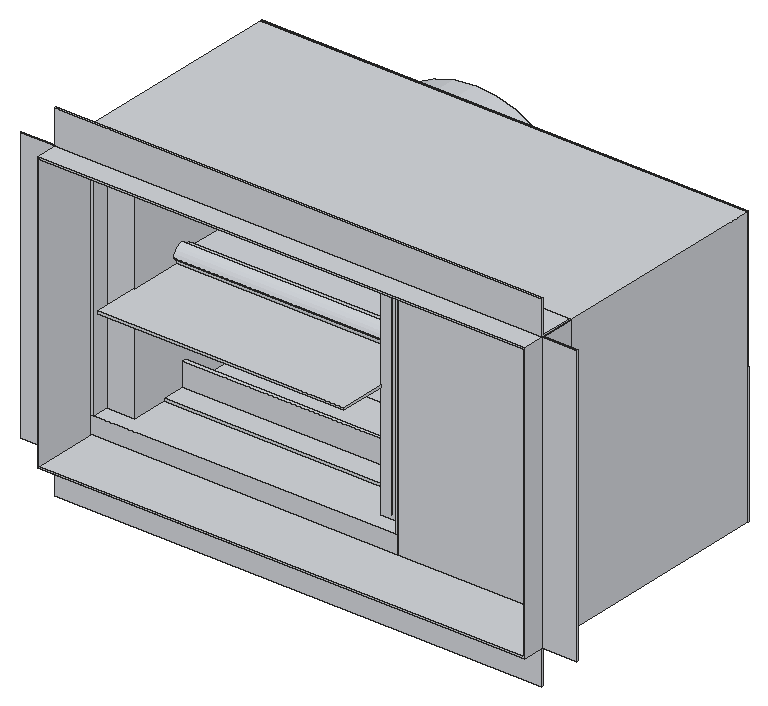
Revit family "Pak-10", category Mechanical Equipment, Revit 2015
Parameters
  URL = "http://unitedenertech.com/catalog/pdf/G_4%20Pak-10.pdf"
  Type Comments = "Max. Single Section Size is (16\"w x 12\"h)"
  Transition Radius [instance] = Transition Diameter / 2  # 0' - 3"
  Transition Diameter = 0' - 6"
  Outer Transition Radius [instance] = Transition Radius + 0' 0 9/256"  # 0' - 3 9/256"
  Model = "Pak-10"
  Manufacturer = "United Enertech Corporation"
  Keynote = "This model is only a representation of the product, model will vary from built dampers."
  Exact Width = 1' - 2"
  Exact Height = 0' - 8"
  Description = "High Rise Energy Saving Damper"
Reference planes (in)
  plane 1 "Center (Front/Back)": y = 0
  plane 2: z = 0
  plane 3 "Center (Left/Right)": x = 0
  plane 4: x = -4.4118
  plane 5: x = 4.4118
  plane 6: z = 7.719
  plane 7: z = 0.5
  plane 8: z = 7.219
  plane 9: x = -3.5368
  plane 10: x = 3.5368
  plane 11: z = 3.8595
  plane 12: x = 4.8668
  plane 13: z = 4.92132
  plane 14: y = 6.25
  plane 15: y = -1.75
  plane 16: x = -4.5164
  plane 17: x = -4.5523
  plane 18: z = -0.1046
  plane 19: z = -0.1405
  plane 20: z = 7.8236
  plane 21: z = 7.8595
  plane 22: x = 9.4118
  plane 23: x = 9.4477
  plane 24: z = 4.13448
  plane 25: y = -1.125
  plane 26: x = -3
  plane 27: x = 3
  plane 28: y = 6.2859
  plane 29: y = 8.2859
Forms (in)
  Extrusion 1, solid
    sketch origin (-10.94563, 56.53311, 0) x (0, 1, 0) y (-1, 0, 0)
      loop
        line (-56.53311, -6.61383) -> (-56.07011, -6.61383) -> (-56.07011, -7.40883) -> (-52.49611, -7.40883) -> (-52.49611, -6.61383) -> (-52.03311, -6.61383) -> (-52.03311, -6.53383) -> (-52.57611, -6.53383) -> (-52.57611, -7.12304) -> (-52.61757, -7.07171) -> (-52.6794, -7.02772) -> (-52.75426, -7.00766) -> (-52.77072, -7.09887)
        arc (-52.77072, -7.09887) -> (-52.68095, -7.22108) -> (-52.81664, -7.15338) r 0.078
        line (-52.81664, -7.15338) -> (-52.90129, -7.1615) -> (-52.87778, -7.24924) -> (-52.8428, -7.29133) -> (-52.79089, -7.32883) -> (-55.76027, -7.32883) -> (-55.71053, -7.27908) -> (-55.67609, -7.22188) -> (-55.67078, -7.14241) -> (-55.75297, -7.14241)
        arc (-55.75297, -7.14241) -> (-55.87883, -7.22785) -> (-55.80226, -7.0964) r 0.078
        line (-55.80226, -7.0964) -> (-55.81534, -7.0114) -> (-55.90864, -7.0364) -> (-55.94901, -7.07216) -> (-55.99011, -7.13704) -> (-55.99011, -6.53383) -> (-56.53311, -6.53383) -> (-56.53311, -6.61383)
    from 0.5 to 7.219
  Extrusion 2, solid
    sketch origin (10.94563, 56.53311, 0) x (0, 1, 0) y (-1, 0, 0)
      loop
        line (-56.53311, 6.61383) -> (-56.53311, 6.53383) -> (-55.99011, 6.53383) -> (-55.99011, 7.13704) -> (-55.94901, 7.07216) -> (-55.90864, 7.0364) -> (-55.81534, 7.0114) -> (-55.80226, 7.0964)
        arc (-55.80226, 7.0964) -> (-55.87883, 7.22785) -> (-55.75297, 7.14241) r 0.078
        line (-55.75297, 7.14241) -> (-55.67078, 7.14241) -> (-55.67609, 7.22188) -> (-55.71053, 7.27908) -> (-55.76027, 7.32883) -> (-52.79089, 7.32883) -> (-52.8428, 7.29133) -> (-52.87778, 7.24924) -> (-52.90129, 7.1615) -> (-52.81664, 7.15338)
        arc (-52.81664, 7.15338) -> (-52.68095, 7.22108) -> (-52.77072, 7.09887) r 0.078
        line (-52.77072, 7.09887) -> (-52.75426, 7.00766) -> (-52.6794, 7.02772) -> (-52.61757, 7.07171) -> (-52.57611, 7.12304) -> (-52.57611, 6.53383) -> (-52.03311, 6.53383) -> (-52.03311, 6.61383) -> (-52.49611, 6.61383) -> (-52.49611, 7.40883) -> (-56.07011, 7.40883) -> (-56.07011, 6.61383) -> (-56.53311, 6.61383)
    from 0.5 to 7.219
  Extrusion 3, solid
    sketch origin (-23.46325, -52.03311, -12.20737) x (0, -1, 0) y (0, 0, 1)
      loop
        line (-56.34511, 12.28737) -> (-56.45311, 12.28737) -> (-56.45311, 12.62737) -> (-52.11311, 12.62737) -> (-52.11311, 12.28737) -> (-52.22111, 12.28737) -> (-52.22111, 12.20737) -> (-52.03311, 12.20737) -> (-52.03311, 12.70737) -> (-56.53311, 12.70737) -> (-56.53311, 12.20737) -> (-56.34511, 12.20737) -> (-56.34511, 12.28737)
    from -27.87505 to -19.05145
  Extrusion 4, solid
    sketch origin (-35.31788, -52.03311, 54.20737) x (0, -1, 0) y (0, 0, -1)
      loop
        line (-56.34511, 46.56837) -> (-56.45311, 46.56837) -> (-56.45311, 46.90837) -> (-52.11311, 46.90837) -> (-52.11311, 46.56837) -> (-52.22111, 46.56837) -> (-52.22111, 46.48837) -> (-52.03311, 46.48837) -> (-52.03311, 46.98837) -> (-56.53311, 46.98837) -> (-56.53311, 46.48837) -> (-56.34511, 46.48837) -> (-56.34511, 46.56837)
    from 30.90608 to 39.72968
  Extrusion 5, solid
    sketch origin (-54.80861, -46.85261, 19.59636) x (0, -1, 0) y (0, 0, -1)
      loop
        line (-49.18361, 12.87636) -> (-49.18361, 12.37736) -> (-48.43361, 12.37736) -> (-48.43361, 12.45736) -> (-49.10261, 12.45736) -> (-49.10261, 12.87636) -> (-49.18361, 12.87636)
    from 51.27181 to 58.34541
  Extrusion 6, solid
    sketch origin (0, 7.30319, -4.76393) x (0, 1, 0) y (0, 0, 1)
      loop
        line (-5.05319, 5.26393) -> (-5.05319, 6.0212) -> (-5.13572, 6.0212) -> (-5.13572, 5.34205) -> (-5.80319, 5.34205) -> (-5.80319, 5.26393) -> (-5.05319, 5.26393)
    from -3.5368 to 3.5368
  Extrusion 7, solid
    sketch origin (0, 0, 0) x (1, 0, 0) y (0, 0, 1)
      loop
        line (-4.5164, -0.1046) -> (9.4118, -0.1046) -> (9.4118, 7.8236) -> (-4.5164, 7.8236) -> (-4.5164, -0.1046)
      loop
        line (-4.5523, 7.8595) -> (-4.5523, -0.1405) -> (9.4477, -0.1405) -> (9.4477, 7.8595) -> (-4.5523, 7.8595)
    from -6.25 to 1.75
  Extrusion 8, solid
    sketch origin (0, -14.32686, 3.16503) x (0, 1, 0) y (0, 0, 1)
      loop
        line (16.71691, 0.96945) -> (16.45566, 0.96945)
        arc (16.45566, 0.96945) -> (16.58629, 0.5063) -> (16.71691, 0.96945) r 0.25
    from -4.4118 to 4.4118
  Extrusion 9, solid
    sketch origin (0, -9.11421, -1.52291) x (0, 1, 0) y (0, 0, 1)
      loop
        line (11.04849, 5.38223) -> (8.24863, 5.38223) -> (8.24863, 5.32275) -> (11.09027, 5.27315)
        arc (11.09027, 5.27315) -> (11.49203, 5.13513) -> (11.69877, 5.50623) r 0.331
        line (11.69877, 5.50623) -> (14.49863, 5.50623) -> (14.49863, 5.56572) -> (11.65699, 5.61532)
        arc (11.65699, 5.61532) -> (11.52112, 5.74056) -> (11.33928, 5.77345) r 0.331
        line (11.33928, 5.77345) -> (11.2343, 5.87843)
        arc (11.2343, 5.87843) -> (11.05119, 5.76668) -> (10.93944, 5.58356) r 0.456
        line (10.93944, 5.58356) -> (11.04442, 5.47858)
        arc (11.04442, 5.47858) -> (11.04293, 5.43026) -> (11.04849, 5.38223) r 0.331
      loop
        line (11.31173, 5.68645) -> (11.21442, 5.78376)
        arc (11.21442, 5.78376) -> (11.10847, 5.7094) -> (11.03411, 5.60345) r 0.375
        line (11.03411, 5.60345) -> (11.13142, 5.50614)
        arc (11.13142, 5.50614) -> (11.55041, 5.26746) -> (11.31173, 5.68645) r 0.25
    from -3.5368 to 3.5368
  Extrusion 10, solid
    sketch origin (0, 4.36038, 4.76193) x (0, 1, 0) y (0, 0, 1)
      loop
        line (-5.48538, -4.90243) -> (-5.48538, -5.90243) -> (-5.44948, -5.90243) -> (-5.44948, -4.93833) -> (-4.48538, -4.93833) -> (-4.48538, -4.90243) -> (-5.48538, -4.90243)
    from -4.5523 to 9.4477
  Extrusion 11, solid
    sketch origin (0, 4.36038, 2.95707) x (0, 1, 0) y (0, 0, 1)
      loop
        line (-5.48538, 4.90243) -> (-4.48538, 4.90243) -> (-4.48538, 4.93833) -> (-5.44948, 4.93833) -> (-5.44948, 5.90243) -> (-5.48538, 5.90243) -> (-5.48538, 4.90243)
    from -4.5523 to 9.4477
  Extrusion 12, solid
    sketch origin (-7.93181, 3.22754, 0) x (1, 0, 0) y (0, 1, 0)
      loop
        line (17.37951, -3.35254) -> (17.37951, -4.35254) -> (18.37951, -4.35254) -> (18.37951, -4.31664) -> (17.41541, -4.31664) -> (17.41541, -3.35254) -> (17.37951, -3.35254)
    from -0.1405 to 7.8595
  Extrusion 13, solid
    sketch origin (12.82721, 3.22754, 0) x (-1, 0, 0) y (0, -1, 0)
      loop
        line (17.37951, 3.35254) -> (17.41541, 3.35254) -> (17.41541, 4.31664) -> (18.37951, 4.31664) -> (18.37951, 4.35254) -> (17.37951, 4.35254) -> (17.37951, 3.35254)
    from 0 to 7.8595
  Extrusion 14, solid
    sketch origin (0, 4.25, 0) x (1, 0, 0) y (0, 1, 0)
      loop
        line (4.4118, -3.25) -> (4.4118, -4.25) -> (9.4118, -4.25) -> (9.4118, -3.25) -> (9.3759, -3.25) -> (9.3759, -4.2141) -> (4.4477, -4.2141) -> (4.4477, -3.25) -> (4.4118, -3.25)
    from 0 to 7.719
  Extrusion 15, solid
    sketch origin (0, 0, 0) x (1, 0, 0) y (0, 0, 1)
      loop
        circle (0, 3.85932) r 3
      loop
        line (-4.5523, -0.1405) -> (9.4477, -0.1405) -> (9.4477, 7.8595) -> (-4.5523, 7.8595) -> (-4.5523, -0.1405)
    from -6.2859 to -6.25
  Extrusion 16, solid
    sketch origin (0, 0, 0) x (1, 0, 0) y (0, 0, 1)
      loop
        circle (0, 3.85932) r 3
      loop
        circle (0, 3.85932) r 3.03516
    from -8.2859 to -6.2859
Dimensions and locks (in)
  equal spacing: plane 4, plane 3 "Center (Left/Right)", plane 5
  locked: plane 7 to level at 0.5
  locked: plane 6 to plane 8 at 0.5
  locked: plane 4 to plane 9 at 0.875
  locked: plane 10 to plane 5 at 0.875
  locked: plane 5 to plane 12 at 0.455
  equal spacing: plane 6, plane 11, level
  locked: plane 13 to plane 11 at 1.06182
  locked: plane 16 to plane 4 at 0.1046
  locked: plane 17 to plane 16 at 0.0359
  locked: level to plane 18 at 0.1046
  locked: plane 20 to plane 6 at 0.1046
  locked: plane 21 to plane 20 at 0.0359
  locked: plane 18 to plane 19 at 0.0359
  locked: plane 5 to plane 22 at 5
  locked: plane 22 to plane 23 at 0.0359
  "Exact Width": plane 17 to plane 23
  "Exact Height": plane 21 to plane 19
  plane 6 to level = 0' - 7.719"
  locked: plane 24 to plane 11 at 0.27498
  equal spacing: plane 26, plane 3 "Center (Left/Right)", plane 27
  "Transition Diameter": plane 26 to plane 27
  "Transition Radius": radius of Extrusion 15 sketch curve
  "Transition Radius": radius of Extrusion 16 sketch curve
  "Outer Transition Radius": radius of Extrusion 16 sketch curve
  aligned and locked: level to plane 2
  aligned and locked: Extrusion 1 to plane 7
  aligned and locked: Extrusion 2 to plane 7
  aligned and locked: plane 5 to Extrusion 3
  aligned and locked: plane 4 to Extrusion 3
  aligned and locked: plane 6 to Extrusion 4
  aligned and locked: plane 5 to Extrusion 4
  aligned and locked: plane 4 to Extrusion 4
  aligned and locked: plane 8 to Extrusion 1
  aligned and locked: plane 8 to Extrusion 2
  aligned and locked: Extrusion 5 to Extrusion 4
  aligned and locked: plane 10 to Extrusion 5
  aligned and locked: Extrusion 5 to plane 9
  aligned and locked: plane 10 to Extrusion 6
  aligned and locked: Extrusion 6 to plane 9
  aligned and locked: nested 1 to plane 12
  aligned and locked: plane 13 to nested 1
  aligned and locked: Extrusion 7 sketch curve to plane 23
  aligned and locked: plane 19 to Extrusion 7 sketch curve
  aligned and locked: plane 21 to Extrusion 7 sketch curve
  aligned and locked: Extrusion 7 sketch curve to plane 17
  aligned and locked: plane 22 to Extrusion 7 sketch curve
  aligned and locked: Extrusion 7 sketch curve to plane 18
  aligned and locked: Extrusion 7 sketch curve to plane 20
  aligned and locked: plane 16 to Extrusion 7 sketch curve
  aligned and locked: plane 14 to Extrusion 7
  aligned and locked: Extrusion 7 to plane 15
  aligned and locked: plane 24 to Extrusion 8
  aligned and locked: plane 4 to Extrusion 8
  aligned and locked: plane 5 to Extrusion 8
  aligned and locked: Extrusion 9 to plane 9
  aligned and locked: plane 10 to Extrusion 9
  aligned and locked: plane 17 to Extrusion 11
  aligned and locked: plane 23 to Extrusion 11
  aligned and locked: plane 23 to Extrusion 10
  aligned and locked: plane 17 to Extrusion 10
  aligned and locked: Extrusion 12 to plane 21
  aligned and locked: Extrusion 12 to plane 19
  aligned and locked: Extrusion 13 to level
  aligned and locked: Extrusion 13 to plane 21
  aligned and locked: plane 6 to Extrusion 14
  aligned and locked: Extrusion 14 to level
  aligned and locked: plane 23 to Extrusion 15 sketch curve
  aligned and locked: Extrusion 15 sketch curve to plane 19
  aligned and locked: Extrusion 15 sketch curve to plane 21
  aligned and locked: plane 17 to Extrusion 15 sketch curve
  aligned and locked: Extrusion 15 to plane 14
  aligned and locked: plane 28 to Extrusion 15
  aligned and locked: Extrusion 16 to plane 28
  aligned and locked: plane 29 to Extrusion 16
Automatic sketch dimensions
  plane 1 "Center (Front/Back)" to Extrusion 1 sketch curve = 0' - 0"
  Extrusion 1 sketch curve to plane 9 = 0' - 0"
  Extrusion 1 sketch curve to plane 4 = 0' - 0"  (x2)
  Extrusion 1 sketch curve to plane 4 = 0' - 0.08"  (x2)
  Extrusion 1 sketch curve to plane 1 "Center (Front/Back)" = 0' - 0.463"
  Extrusion 1 sketch curve to Extrusion 1 sketch curve = 0' - 0.08"  (x2)
  Extrusion 1 sketch curve to Extrusion 1 sketch curve = 0' - 0.0411"
  Extrusion 1 sketch curve to Extrusion 1 sketch curve = 0' - 0.04037"
  Extrusion 1 sketch curve to Extrusion 1 sketch curve = 0' - 0.08303"
  Extrusion 1 sketch curve to Extrusion 1 sketch curve = 0' - 0.0933"
  Extrusion 1 sketch curve to plane 9 = 0' - 0.31242"
  Extrusion 1 sketch curve to Extrusion 1 sketch curve = 0' - 0.02335"
  Extrusion 1 sketch curve to plane 9 = 0' - 0.08"
  Extrusion 1 sketch curve to Extrusion 1 sketch curve = 0' - 0.06534"
  Extrusion 1 sketch curve to Extrusion 1 sketch curve = 0' - 0.04929"
  Extrusion 1 sketch curve to plane 9 = 0' - 0.12974"
  Extrusion 1 sketch curve to Extrusion 1 sketch curve = 0' - 0.04974"
  Extrusion 1 sketch curve to plane 9 = 0' - 0.18694"
  Extrusion 1 sketch curve to Extrusion 1 sketch curve = 0' - 0.03444"
  Extrusion 1 sketch curve to Extrusion 1 sketch curve = 0' - 0.00531"
  Extrusion 1 sketch curve to plane 9 = 0' - 0.24733"
  Extrusion 1 sketch curve to plane 14 = 0' - 2.61818"
  Extrusion 1 sketch curve to plane 9 = 0' - 0.15959"
  Extrusion 1 sketch curve to Extrusion 1 sketch curve = 0' - 0.02351"
  Extrusion 1 sketch curve to plane 9 = 0' - 0.11749"
  Extrusion 1 sketch curve to Extrusion 1 sketch curve = 0' - 0.03498"
  Extrusion 1 sketch curve to plane 9 = 0' - 0.25544"
  Extrusion 1 sketch curve to Extrusion 1 sketch curve = 0' - 0.08465"
  Extrusion 1 sketch curve to Extrusion 1 sketch curve = 0' - 0.05191"
  Extrusion 1 sketch curve to plane 9 = 0' - 0.30996"
  Extrusion 1 sketch curve to Extrusion 1 sketch curve = 0' - 0.04592"
  Extrusion 1 sketch curve to plane 9 = 0' - 0.40116"
  Extrusion 1 sketch curve to Extrusion 1 sketch curve = 0' - 0.01646"
  Extrusion 1 sketch curve to Extrusion 1 sketch curve = 0' - 0.03011"
  Extrusion 1 sketch curve to plane 9 = 0' - 0.3811"
  Extrusion 1 sketch curve to Extrusion 1 sketch curve = 0' - 0.07486"
  Extrusion 1 sketch curve to plane 9 = 0' - 0.33712"
  Extrusion 1 sketch curve to Extrusion 1 sketch curve = 0' - 0.06183"
  Extrusion 1 sketch curve to Extrusion 1 sketch curve = 0' - 0.04146"
  Extrusion 1 sketch curve to Extrusion 1 sketch curve = 0' - 0.463"
  Extrusion 1 sketch curve to Extrusion 1 sketch curve = 0' - 0.07442"
  Extrusion 1 sketch curve to Extrusion 1 sketch curve = 0' - 0.03378"
  Extrusion 1 sketch curve to Extrusion 1 sketch curve = 0' - 0.05133"
  Extrusion 1 sketch curve to Extrusion 1 sketch curve = 0' - 0.06488"
  Extrusion 1 sketch curve to Extrusion 1 sketch curve = 0' - 0.03576"
  Extrusion 1 sketch curve to Extrusion 1 sketch curve = 0' - 0.085"
  plane 1 "Center (Front/Back)" to Extrusion 2 sketch curve = 0' - 0"
  Extrusion 2 sketch curve to plane 10 = 0' - 0"
  Extrusion 2 sketch curve to plane 5 = 0' - 0"  (x2)
  plane 5 to Extrusion 2 sketch curve = 0' - 0.08"  (x2)
  Extrusion 2 sketch curve to Extrusion 2 sketch curve = 0' - 0.463"  (x2)
  Extrusion 2 sketch curve to Extrusion 2 sketch curve = 0' - 0.08"  (x2)
  Extrusion 2 sketch curve to Extrusion 2 sketch curve = 0' - 0.0411"
  Extrusion 2 sketch curve to Extrusion 2 sketch curve = 0' - 0.04037"
  Extrusion 2 sketch curve to Extrusion 2 sketch curve = 0' - 0.08303"
  Extrusion 2 sketch curve to Extrusion 2 sketch curve = 0' - 0.0933"
  Extrusion 2 sketch curve to plane 10 = 0' - 0.31242"
  Extrusion 2 sketch curve to Extrusion 2 sketch curve = 0' - 0.02335"
  Extrusion 2 sketch curve to plane 10 = 0' - 0.08"
  Extrusion 2 sketch curve to Extrusion 2 sketch curve = 0' - 0.06534"
  Extrusion 2 sketch curve to Extrusion 2 sketch curve = 0' - 0.04929"
  Extrusion 2 sketch curve to plane 10 = 0' - 0.12974"
  Extrusion 2 sketch curve to Extrusion 2 sketch curve = 0' - 0.04974"
  Extrusion 2 sketch curve to plane 10 = 0' - 0.18694"
  Extrusion 2 sketch curve to Extrusion 2 sketch curve = 0' - 0.03444"
  Extrusion 2 sketch curve to Extrusion 2 sketch curve = 0' - 0.00531"
  Extrusion 2 sketch curve to plane 10 = 0' - 0.24733"
  plane 14 to Extrusion 2 sketch curve = 0' - 2.61818"
  Extrusion 2 sketch curve to plane 10 = 0' - 0.15959"
  Extrusion 2 sketch curve to Extrusion 2 sketch curve = 0' - 0.02351"
  Extrusion 2 sketch curve to plane 10 = 0' - 0.11749"
  Extrusion 2 sketch curve to Extrusion 2 sketch curve = 0' - 0.03498"
  Extrusion 2 sketch curve to plane 10 = 0' - 0.25544"
  Extrusion 2 sketch curve to Extrusion 2 sketch curve = 0' - 0.08465"
  Extrusion 2 sketch curve to Extrusion 2 sketch curve = 0' - 0.05191"
  Extrusion 2 sketch curve to plane 10 = 0' - 0.30996"
  Extrusion 2 sketch curve to Extrusion 2 sketch curve = 0' - 0.04592"
  Extrusion 2 sketch curve to plane 10 = 0' - 0.40116"
  Extrusion 2 sketch curve to Extrusion 2 sketch curve = 0' - 0.01646"
  Extrusion 2 sketch curve to Extrusion 2 sketch curve = 0' - 0.07602"
  Extrusion 2 sketch curve to plane 10 = 0' - 0.3811"
  Extrusion 2 sketch curve to Extrusion 2 sketch curve = 0' - 0.07486"
  Extrusion 2 sketch curve to plane 10 = 0' - 0.33712"
  Extrusion 2 sketch curve to Extrusion 2 sketch curve = 0' - 0.06183"
  Extrusion 2 sketch curve to Extrusion 2 sketch curve = 0' - 0.04146"
  Extrusion 2 sketch curve to Extrusion 2 sketch curve = 0' - 0.07442"
  Extrusion 2 sketch curve to Extrusion 2 sketch curve = 0' - 0.03378"
  Extrusion 2 sketch curve to Extrusion 2 sketch curve = 0' - 0.05133"
  Extrusion 2 sketch curve to Extrusion 2 sketch curve = 0' - 0.06488"
  Extrusion 2 sketch curve to Extrusion 2 sketch curve = 0' - 0.03576"
  Extrusion 2 sketch curve to Extrusion 2 sketch curve = 0' - 0.085"
  Extrusion 3 sketch curve to level = 0' - 0"  (x2)
  Extrusion 3 sketch curve to plane 7 = 0' - 0"
  Extrusion 3 sketch curve to plane 1 "Center (Front/Back)" = 0' - 0"
  Extrusion 3 sketch curve to plane 1 "Center (Front/Back)" = 0' - 0.08"
  Extrusion 3 sketch curve to Extrusion 3 sketch curve = 0' - 0.108"  (x2)
  Extrusion 3 sketch curve to plane 14 = 0' - 1.938"
  Extrusion 3 sketch curve to plane 7 = 0' - 0.08"
  Extrusion 3 sketch curve to Extrusion 3 sketch curve = 0' - 0.08"
  level to Extrusion 3 sketch curve = 0' - 0.08"  (x2)
  plane 8 to Extrusion 4 sketch curve = 0' - 0"
  Extrusion 4 sketch curve to plane 6 = 0' - 0"  (x2)
  Extrusion 4 sketch curve to plane 1 "Center (Front/Back)" = 0' - 0"
  Extrusion 4 sketch curve to plane 1 "Center (Front/Back)" = 0' - 0.08"
  Extrusion 4 sketch curve to Extrusion 4 sketch curve = 0' - 0.108"  (x2)
  Extrusion 4 sketch curve to plane 6 = 0' - 0.08"  (x2)
  Extrusion 4 sketch curve to plane 14 = 0' - 1.938"
  Extrusion 4 sketch curve to Extrusion 4 sketch curve = 0' - 0.08"
  plane 8 to Extrusion 4 sketch curve = 0' - 0.08"
  Extrusion 5 sketch curve to plane 8 = 0' - 0"
  Extrusion 5 sketch curve to plane 1 "Center (Front/Back)" = 0' - 2.331"
  Extrusion 5 sketch curve to Extrusion 5 sketch curve = 0' - 0.081"
  Extrusion 5 sketch curve to Extrusion 5 sketch curve = 0' - 0.669"
  Extrusion 5 sketch curve to Extrusion 5 sketch curve = 0' - 0.08"
  Extrusion 5 sketch curve to Extrusion 5 sketch curve = 0' - 0.419"
  Extrusion 6 sketch curve to plane 7 = 0' - 0"
  Extrusion 6 sketch curve to plane 1 "Center (Front/Back)" = 0' - 1 1/2"
  Extrusion 6 sketch curve to Extrusion 6 sketch curve = 0' - 0.66746"
  Extrusion 6 sketch curve to Extrusion 6 sketch curve = 0' - 0.08254"
  plane 7 to Extrusion 6 sketch curve = 0' - 0 5/64"
  Extrusion 6 sketch curve to Extrusion 6 sketch curve = 0' - 0.67915"
  Extrusion 8 sketch curve to plane 24 = 0' - 0"
  Extrusion 8 sketch curve to plane 1 "Center (Front/Back)" = 0' - 2.1288"
  plane 11 to Extrusion 8 sketch curve = 0' - 0.06182"
  Extrusion 8 sketch curve to Extrusion 8 sketch curve = 0' - 0.13063"
  Extrusion 9 sketch curve to Extrusion 9 sketch curve = 0' - 0"  (x30)
  Extrusion 9 sketch curve to plane 11 = 0' - 0.00018"
  plane 25 to Extrusion 9 sketch curve = 0' - 0.25942"
  Extrusion 9 sketch curve to plane 24 = 0' - 0.07383"
  Extrusion 9 sketch curve to plane 1 "Center (Front/Back)" = 0' - 1.82523"
  Extrusion 9 sketch curve to plane 24 = 0' - 0.05395"
  Extrusion 9 sketch curve to Extrusion 9 sketch curve = 0' - 0.09467"
  plane 11 to Extrusion 9 sketch curve = 0' - 0.09617"
  Extrusion 9 sketch curve to Extrusion 9 sketch curve = 0' - 0.01031"
  Extrusion 9 sketch curve to Extrusion 9 sketch curve = 0' - 0.00407"
  Extrusion 9 sketch curve to plane 11 = 0' - 0.10926"
  Extrusion 9 sketch curve to Extrusion 9 sketch curve = 0' - 0.04178"  (x2)
  plane 11 to Extrusion 9 sketch curve = 0' - 0.12372"
  Extrusion 9 sketch curve to Extrusion 9 sketch curve = 0' - 0.087"
  plane 24 to Extrusion 9 sketch curve = 0' - 0.12637"
  Extrusion 9 sketch curve to Extrusion 9 sketch curve = 0' - 0.18031"
  plane 24 to Extrusion 9 sketch curve = 0' - 0.22103"
  plane 24 to Extrusion 9 sketch curve = 0' - 0.02906"
  plane 24 to Extrusion 9 sketch curve = 0' - 0.11606"
  Extrusion 9 sketch curve to Extrusion 9 sketch curve = 0' - 0.02755"
  Extrusion 9 sketch curve to plane 24 = 0' - 0.04208"
  Extrusion 9 sketch curve to plane 14 = 0' - 0.86558"
  Extrusion 9 sketch curve to Extrusion 9 sketch curve = 0' - 0.05948"  (x2)
  Extrusion 10 sketch curve to plane 25 = 0' - 0"
  Extrusion 10 sketch curve to plane 19 = 0' - 0"
  plane 25 to Extrusion 10 sketch curve = 0' - 0.0359"
  plane 1 "Center (Front/Back)" to Extrusion 10 sketch curve = 0' - 0 1/8"
  Extrusion 10 sketch curve to plane 19 = 0' - 0.0359"
  Extrusion 10 sketch curve to Extrusion 10 sketch curve = 0' - 0.9641"
  Extrusion 11 sketch curve to plane 25 = 0' - 0"
  plane 21 to Extrusion 11 sketch curve = 0' - 0"
  Extrusion 11 sketch curve to Extrusion 11 sketch curve = 0' - 0.0359"
  Extrusion 11 sketch curve to plane 1 "Center (Front/Back)" = 0' - 0 1/8"
  plane 21 to Extrusion 11 sketch curve = 0' - 0.0359"
  Extrusion 11 sketch curve to Extrusion 11 sketch curve = 0' - 0.9641"
  Extrusion 12 sketch curve to plane 23 = 0' - 0"
  Extrusion 12 sketch curve to plane 25 = 0' - 0"
  plane 23 to Extrusion 12 sketch curve = 0' - 0.0359"
  Extrusion 12 sketch curve to Extrusion 12 sketch curve = 0' - 0.9641"
  Extrusion 12 sketch curve to Extrusion 12 sketch curve = 0' - 0.0359"
  plane 1 "Center (Front/Back)" to Extrusion 12 sketch curve = 0' - 0 1/8"
  Extrusion 13 sketch curve to plane 25 = 0' - 0"
  Extrusion 13 sketch curve to plane 17 = 0' - 0"
  Extrusion 13 sketch curve to Extrusion 13 sketch curve = 0' - 0.0359"
  Extrusion 13 sketch curve to Extrusion 13 sketch curve = 0' - 0.9641"
  Extrusion 13 sketch curve to plane 25 = 0' - 0.0359"
  Extrusion 13 sketch curve to plane 1 "Center (Front/Back)" = 0' - 0 1/8"
  Extrusion 14 sketch curve to plane 5 = 0' - 0"
  Extrusion 14 sketch curve to plane 22 = 0' - 0"
  plane 5 to Extrusion 14 sketch curve = 0' - 0.0359"
  Extrusion 14 sketch curve to plane 22 = 0' - 0.0359"
  plane 15 to Extrusion 14 sketch curve = 0' - 1 3/4"
  Extrusion 14 sketch curve to Extrusion 14 sketch curve = 0' - 1"  (x2)
  Extrusion 14 sketch curve to Extrusion 14 sketch curve = 0' - 0.0359"
  Extrusion 15 sketch curve to plane 3 "Center (Left/Right)" = 0' - 0"
  Extrusion 15 sketch curve to plane 11 = 0' - 0.00018"
  Extrusion 16 sketch curve to Extrusion 16 sketch curve = 0' - 0"  (x2)
  Extrusion 16 sketch curve to plane 3 "Center (Left/Right)" = 0' - 0"
  Extrusion 16 sketch curve to plane 11 = 0' - 0.00018"
Nested families (in)
  nested 1: "CH-10 Actuator" at (4.8668, -14.38552, -1.06077), type "CH-10 Actuator"
Definition of nested family "CH-10 Actuator"
  Reference planes (in)
    plane 1 "Center (Front/Back)": y = 0
    plane 2: z = 0
    plane 3 "Center (Left/Right)": x = 0
  Forms (in)
    Extrusion 1, solid
      sketch origin (0, 0, 0) x (0, 1, 0) y (0, 0, 1)
        loop
          arc (18.01994, 5.73209) -> (17.94672, 5.90887) -> (17.76994, 5.98209) r 0.25
          line (17.76994, 5.98209) -> (15.51994, 5.98209)
          arc (15.51994, 5.98209) -> (15.34317, 5.90887) -> (15.26994, 5.73209) r 0.25
          line (15.26994, 5.73209) -> (15.26994, 3.23209)
          arc (15.26994, 3.23209) -> (15.34317, 3.05531) -> (15.51994, 2.98209) r 0.25
          line (15.51994, 2.98209) -> (17.76994, 2.98209)
          arc (17.76994, 2.98209) -> (17.94672, 3.05531) -> (18.01994, 3.23209) r 0.25
          line (18.01994, 3.23209) -> (18.01994, 5.73209)
      from 0 to 3
    Extrusion 2, solid
      sketch origin (0, 0, 0) x (0, 1, 0) y (0, 0, 1)
        loop
          circle (16.64494, 4.98209) r 0.5
        loop
          circle (16.64494, 4.98209) r 0.25
      from 0 to -0.75
    Extrusion 3, solid
      sketch origin (0, 0, 0) x (0, 1, 0) y (0, 0, 1)
        loop
          circle (16.64494, 3.73209) r 0.125
      from 0 to -1.25
    Extrusion 4, void
      sketch origin (-4.56006, 0, 0) x (1, 0, 0) y (0, 1, 0)
        loop
          arc (7.31006, 17.99501) -> (7.48683, 17.92179) -> (7.56006, 17.74501) r 0.25
          line (7.56006, 17.74501) -> (8.56006, 17.74501) -> (8.56006, 18.99501) -> (7.31006, 18.99501) -> (7.31006, 17.99501)
      from 6.93254 to -1.25
    Extrusion 5, void
      sketch origin (-4.56006, 33.28989, 0) x (1, 0, 0) y (0, 1, 0)
        loop
          line (7.31006, -17.99501) -> (7.31006, -18.99501) -> (8.56006, -18.99501) -> (8.56006, -17.74501) -> (7.56006, -17.74501)
          arc (7.56006, -17.74501) -> (7.48683, -17.92179) -> (7.31006, -17.99501) r 0.25
      from 6.93254 to -1.25
    Extrusion 6, void
      sketch origin (-4.56006, 14.32271, -12.01292) x (1, 0, 0) y (0, 0, -1)
        loop
          line (7.31006, -17.99501) -> (7.31006, -18.99501) -> (8.56006, -18.99501) -> (8.56006, -17.74501) -> (7.56006, -17.74501)
          arc (7.56006, -17.74501) -> (7.48683, -17.92179) -> (7.31006, -17.99501) r 0.25
      from 6.93254 to -1.25
    Extrusion 7, void
      sketch origin (-4.56006, 14.32271, 20.9771) x (1, 0, 0) y (0, 0, -1)
        loop
          arc (7.31006, 17.99501) -> (7.48683, 17.92179) -> (7.56006, 17.74501) r 0.25
          line (7.56006, 17.74501) -> (8.56006, 17.74501) -> (8.56006, 18.99501) -> (7.31006, 18.99501) -> (7.31006, 17.99501)
      from 6.93254 to -1.25
  Cuts and joins
    Extrusion 4, Extrusion 5, Extrusion 6, Extrusion 7 cuts Extrusion 1
  Lines and regions (in)
    model lines
      curve 1: circle (0, 16.64494, 3.73209) r 0.125 normal (1, 0, 0)
  Dimensions and locks (in)
    aligned and locked: level to plane 2
